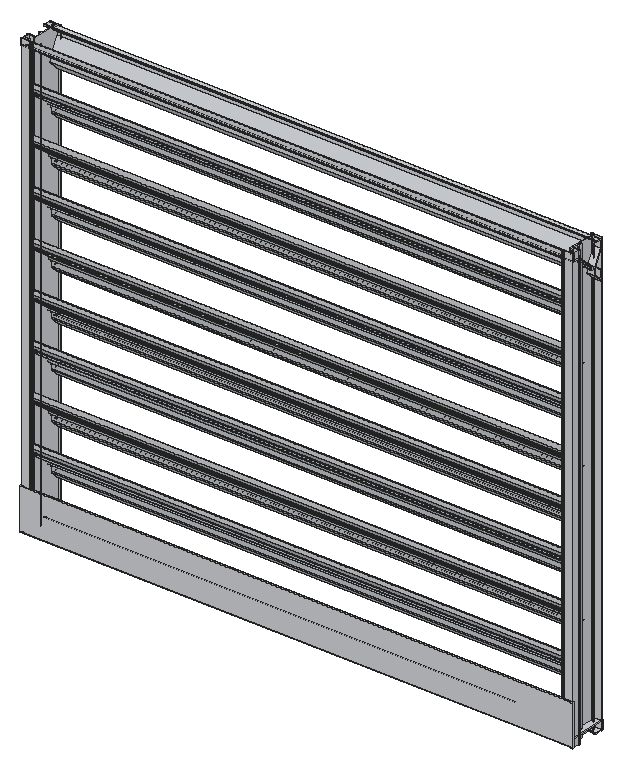
Revit family
Parameters (values of type "00000-Air Balance-013009-Ver1-A445")
  Blade Array = (Height - 4 1/4" - 2 1/2") / 5"  # 8
  URL = "www.airbalance.com"
  OmniClass Table 23 Title = "Exterior Louvers and Grilles\r\nExterior Louvers and Grilles\r\n"
  OmniClass Table 23 Code = "23-30 60 11 17\r\n"
  Model = "A445"
  Manufacturer = "Air Balance"
  Height = 48"
  Description = "Stationary Louver"
  Default Sill Height = 36"
  Wall Closure = (empty or 0)
  Width = 60"
  Blade Width = Width - (29/32" * 2)  # 58 3/16"
  Assembly Code = ""
Reference planes (in)
  plane 1 "Center (Front/Back)": y = 0
  plane 2: z = 0
  plane 3 "Center (Left/Right)": x = 0
  plane 4 "Left": x = -30
  plane 5 "Right": x = 30
  plane 6 "Sill": z = 36
  plane 7 "Top": z = 84
  plane 8: x = 65.5
  plane 9: z = 79.25
  plane 10: z = 77.5625
  plane 11: z = 72.5625
  plane 12: y = 3
  plane 13: y = 2.84398
  plane 14: x = -29.09307
  plane 15: x = 29.09443
Forms (in)
  Sweep 1, solid
    path in 3D
      loop
        line (-30, 3, 36) -> (30, 3, 36)
    profile origin (0, 3, 36) x (0, 1, 0) y (0, 0, 1)
      loop
        line (-3.923, 0.923) -> (-0.077, 0.923) -> (-0.077, 0.158) -> (-0.796, 0.158)
        arc (-0.796, 0.158) -> (-0.81792, 0.14892) -> (-0.827, 0.127) r 0.031
        line (-0.827, 0.127) -> (-0.827, 0.0385)
        arc (-0.827, 0.0385) -> (-0.7885, 0) -> (-0.75, 0.0385) r 0.0385
        line (-0.75, 0.0385) -> (-0.75, 0.081) -> (-0.03, 0.081)
        arc (-0.03, 0.081) -> (-0.00879, 0.08979) -> (0, 0.111) r 0.03
        line (0, 0.111) -> (0, 0.97)
        arc (0, 0.97) -> (-0.00879, 0.99121) -> (-0.03, 1) r 0.03
        line (-0.03, 1) -> (-3.923, 1) -> (-3.923, 4.4615)
        arc (-3.923, 4.4615) -> (-3.9615, 4.5) -> (-4, 4.4615) r 0.0385
        line (-4, 4.4615) -> (-4, 0.033)
        arc (-4, 0.033) -> (-3.99112, 0.01028) -> (-3.969, 0) r 0.03276
        line (-3.969, 0) -> (-3.862, 0)
        arc (-3.862, 0) -> (-3.838, 0.025) -> (-3.862, 0.05) r 0.02502
        line (-3.862, 0.05) -> (-3.923, 0.05) -> (-3.923, 0.923)
  Sweep 2, solid
    path in 3D
      loop
        line (30, 3, 84) -> (-30, 3, 84)
    profile origin (0, 3, 84) x (0, 1, 0) y (0, 0, -1)
      loop
        line (-1.09102, 3.3153) -> (-1.09102, 2.62021) -> (-1.30067, 2.43603)
        arc (-1.30067, 2.43603) -> (-1.41489, 2.47571) -> (-1.32417, 2.55565) r 0.07
        arc (-1.32417, 2.55565) -> (-1.29257, 2.57151) -> (-1.30843, 2.60311) r 0.025
        arc (-1.30843, 2.60311) -> (-1.45402, 2.54188) -> (-1.41282, 2.3894) r 0.12
        arc (-1.41282, 2.3894) -> (-1.39909, 2.36567) -> (-1.40956, 2.34033) r 0.031
        line (-1.40956, 2.34033) -> (-3.04309, 0.90466)
        arc (-3.04309, 0.90466) -> (-3.06956, 0.89754) -> (-3.09133, 0.91419) r 0.031
        arc (-3.09133, 0.91419) -> (-3.23725, 0.97464) -> (-3.31668, 0.83811) r 0.12
        arc (-3.31668, 0.83811) -> (-3.28738, 0.81832) -> (-3.26759, 0.84762) r 0.025
        arc (-3.26759, 0.84762) -> (-3.17666, 0.92733) -> (-3.15198, 0.80896) r 0.07
        line (-3.15198, 0.80896) -> (-3.22124, 0.748) -> (-3.84194, 0.748)
        arc (-3.84194, 0.748) -> (-3.86391, 0.73895) -> (-3.87302, 0.717) r 0.031
        line (-3.87302, 0.717) -> (-3.87302, 0) -> (-3.82302, 0) -> (-3.82302, 0.671) -> (-3.19222, 0.671) -> (-1.06099, 2.54408) -> (-0.23302, 0.96899) -> (-0.23302, 0.158) -> (-0.77102, 0.158)
        arc (-0.77102, 0.158) -> (-0.79373, 0.14912) -> (-0.80402, 0.127) r 0.03276
        line (-0.80402, 0.127) -> (-0.80402, 0.024)
        arc (-0.80402, 0.024) -> (-0.77902, 0) -> (-0.75402, 0.024) r 0.02502
        line (-0.75402, 0.024) -> (-0.75402, 0.081) -> (-0.18702, 0.081)
        arc (-0.18702, 0.081) -> (-0.1651, 0.09008) -> (-0.15602, 0.112) r 0.031
        line (-0.15602, 0.112) -> (-0.15602, 0.988) -> (-1.01402, 2.62021) -> (-1.01402, 3.28057) -> (-0.23302, 4.06157) -> (-0.23302, 3.0395)
        arc (-0.23302, 3.0395) -> (-0.19452, 3.001) -> (-0.15602, 3.0395) r 0.0385
        line (-0.15602, 3.0395) -> (-0.15602, 4.2503) -> (-1.09102, 3.3153)
  Sweep 3, solid
    path in 3D
      loop
        line (30, 3, 36) -> (30, 3, 84)
    profile origin (30, 3, 60) x (0, 1, 0) y (-1, 0, 0)
      loop
        line (-2.35327, 0.82763) -> (-2.29365, 0.78137)
        arc (-2.29365, 0.78137) -> (-2.26982, 0.77006) -> (-2.26413, 0.74431) r 0.03
        arc (-2.26413, 0.74431) -> (-2.18179, 0.5821) -> (-2.00873, 0.63816) r 0.14
        arc (-2.00873, 0.63816) -> (-2.02026, 0.68629) -> (-2.06839, 0.67477) r 0.035
        arc (-2.06839, 0.67477) -> (-2.18884, 0.67666) -> (-2.12928, 0.78137) r 0.07
        line (-2.12928, 0.78137) -> (-2.00952, 0.78137)
        arc (-2.00952, 0.78137) -> (-1.98283, 0.79636) -> (-1.98175, 0.82695) r 0.03125
        line (-1.98175, 0.82695) -> (-0.37651, 0.82695)
        arc (-0.37651, 0.82695) -> (-0.31503, 0.72214) -> (-0.43648, 0.71843) r 0.07064
        arc (-0.43648, 0.71843) -> (-0.4846, 0.72922) -> (-0.49547, 0.68112) r 0.0349
        arc (-0.49547, 0.68112) -> (-0.32174, 0.6271) -> (-0.24133, 0.7903) r 0.14001
        arc (-0.24133, 0.7903) -> (-0.23595, 0.81612) -> (-0.21226, 0.82771) r 0.03
        line (-0.21226, 0.82771) -> (-0.07894, 0.82771) -> (-0.07894, 0.0392)
        arc (-0.07894, 0.0392) -> (-0.03832, -0.00029) -> (0, 0.04143) r 0.0395
        line (0, 0.04143) -> (0, 0.31212) -> (0, 1.2247)
        arc (0, 1.2247) -> (-0.02545, 1.24969) -> (-0.04998, 1.2238) r 0.025
        line (-0.04998, 1.2238) -> (-0.04998, 0.90663) -> (-3.22197, 0.90658)
        arc (-3.22197, 0.90658) -> (-3.24697, 0.88141) -> (-3.22165, 0.85658) r 0.025
        line (-3.22165, 0.85658) -> (-3.0048, 0.85658) -> (-3.0048, 0.15963) -> (-3.5649, 0.15963) -> (-3.5649, 0.65963) -> (-3.6402, 0.65963) -> (-3.6402, 0.15963) -> (-3.83499, 0.15963) -> (-3.83499, 1.24975) -> (-3.91902, 1.24975) -> (-3.91902, 1.1625) -> (-3.89001, 1.14575) -> (-3.89001, 0.97832) -> (-3.91896, 0.95832) -> (-3.91896, 0.08109) -> (-3.16895, 0.08109) -> (-3.16895, 0.03957)
        arc (-3.16895, 0.03957) -> (-3.12894, 0.00007) -> (-3.08996, 0.0406) r 0.0395
        line (-3.08996, 0.0406) -> (-3.08996, 0.0811) -> (-2.97596, 0.0811)
        arc (-2.97596, 0.0811) -> (-2.93304, 0.09918) -> (-2.91598, 0.14251) r 0.06
        line (-2.91598, 0.14251) -> (-2.91598, 0.82763) -> (-2.35327, 0.82763)
  Sweep 4, solid
    path in 3D
      loop
        line (-30, 3, 84) -> (-30, 3, 36)
    profile origin (-30, 3, 60) x (1, 0, 0) y (0, 1, 0)
      loop
        line (0.82794, -2.35724) -> (0.82794, -2.91995) -> (0.14281, -2.91995)
        arc (0.14281, -2.91995) -> (0.09948, -2.93701) -> (0.0814, -2.97993) r 0.06
        line (0.0814, -2.97993) -> (0.0814, -3.09394) -> (0.0409, -3.09394)
        arc (0.0409, -3.09394) -> (0.00038, -3.13291) -> (0.03987, -3.17293) r 0.0395
        line (0.03987, -3.17293) -> (0.08139, -3.17293) -> (0.08139, -3.92294) -> (0.95862, -3.92294) -> (0.97862, -3.89399) -> (1.14605, -3.89399) -> (1.1628, -3.923) -> (1.25005, -3.923) -> (1.25005, -3.83896) -> (0.15994, -3.83896) -> (0.15994, -3.64418) -> (0.65994, -3.64418) -> (0.65994, -3.56887) -> (0.15994, -3.56887) -> (0.15994, -3.00878) -> (0.85688, -3.00878) -> (0.85688, -3.22562)
        arc (0.85688, -3.22562) -> (0.88171, -3.25095) -> (0.90688, -3.22595) r 0.025
        line (0.90688, -3.22595) -> (0.90693, -0.05396) -> (1.2241, -0.05396)
        arc (1.2241, -0.05396) -> (1.25, -0.02942) -> (1.225, -0.00398) r 0.025
        line (1.225, -0.00398) -> (0.31243, -0.00398) -> (0.04173, -0.00398)
        arc (0.04173, -0.00398) -> (0.00002, -0.0423) -> (0.0395, -0.08291) r 0.0395
        line (0.0395, -0.08291) -> (0.82801, -0.08291) -> (0.82801, -0.21624)
        arc (0.82801, -0.21624) -> (0.81642, -0.23992) -> (0.7906, -0.24531) r 0.03
        arc (0.7906, -0.24531) -> (0.6274, -0.32572) -> (0.68142, -0.49945) r 0.14001
        arc (0.68142, -0.49945) -> (0.72952, -0.48857) -> (0.71874, -0.44045) r 0.0349
        arc (0.71874, -0.44045) -> (0.72244, -0.319) -> (0.82725, -0.38048) r 0.07064
        line (0.82725, -0.38048) -> (0.82725, -1.98572)
        arc (0.82725, -1.98572) -> (0.79666, -1.9868) -> (0.78167, -2.01349) r 0.03125
        line (0.78167, -2.01349) -> (0.78167, -2.13326)
        arc (0.78167, -2.13326) -> (0.67696, -2.19282) -> (0.67507, -2.07237) r 0.07
        arc (0.67507, -2.07237) -> (0.6866, -2.02423) -> (0.63846, -2.01271) r 0.035
        arc (0.63846, -2.01271) -> (0.5824, -2.18577) -> (0.74461, -2.2681) r 0.14
        arc (0.74461, -2.2681) -> (0.77037, -2.2738) -> (0.78167, -2.29763) r 0.03
        line (0.78167, -2.29763) -> (0.82794, -2.35724)
Lines and regions (in)
  Opening 1
    outline origin (-60, -3, 0) x (1, 0, 0) y (0, 0, 1)
      loop
        line (30, 84) -> (30, 36) -> (90, 36) -> (90, 84) -> (30, 84)
  sketch lines
    curve 1: line (-30, 3, 36) -> (30, 3, 36)
    curve 2: line (30, 3, 84) -> (-30, 3, 84)
    curve 3: line (30, 3, 36) -> (30, 3, 84)
    curve 4: line (-30, 3, 84) -> (-30, 3, 36)
Text (in)
  text "EXTERIOR" at (-58.6888, 50.90694, 0), in view "Ref. Level"
  text "INTERIOR" at (-58.6888, -37.76638, 0), in view "Ref. Level"
  text "Exterior" at (0, 43.65631, 123.19604), in view "Left"
  text "Exterior" at (0, 6.94597, 78.36643), in view "Right"
Dimensions and locks (in)
  equal spacing: plane 4 "Left", plane 3 "Center (Left/Right)", plane 5 "Right"
  "Width": plane 4 "Left" to plane 5 "Right"
  locked: plane 10 to plane 7 "Top" at 6.4375
  locked: plane 11 to plane 10 at 5
  locked: plane 12 to host wall at 0
  locked: plane 13 to plane 12 at 0.15602
  "Blade Width": plane 14 to plane 15
  locked: plane 4 "Left" to plane 14 at 0.90693
  plane 15 to plane 5 "Right" = 0.90557"
  "Height": plane 6 "Sill" to plane 7 "Top"
  equal spacing: group 1, group 2, group 3, group 4, group 5, group 6, group 7, group 8  (x2)
  equal spacing: group 8, group 7, group 6, group 5, group 4, group 3, group 2, group 1
  aligned and locked: plane 7 "Top" to Opening 1 sketch curve
  aligned and locked: plane 6 "Sill" to Opening 1 sketch curve  (x2)
  aligned and locked: plane 5 "Right" to Opening 1 sketch curve
  aligned and locked: plane 4 "Left" to Opening 1 sketch curve
  aligned and locked: nested 1 to plane 10
  aligned and locked: nested 2 to plane 11
Automatic sketch dimensions
  Sweep 1 sketch curve to profile plane = 0"  (x2)
  profile plane to Sweep 1 sketch curve = 4"
  Sweep 1 sketch curve to Sweep 1 sketch curve = 0.031"  (x2)
  profile plane to Sweep 1 sketch curve = 0.03271"
  Sweep 1 sketch curve to Sweep 1 sketch curve = 0.03276"
  Sweep 1 sketch curve to Sweep 1 sketch curve = 0.0385"  (x2)
  Sweep 1 sketch curve to Sweep 1 sketch curve = 0.04424"
  Sweep 1 sketch curve to Sweep 1 sketch curve = 0.05998"
  Sweep 1 sketch curve to Sweep 1 sketch curve = 0.00102"  (x2)
  profile plane to Sweep 1 sketch curve = 0.0385"
  profile plane to Sweep 1 sketch curve = 0.827"
  profile plane to Sweep 1 sketch curve = 0.077"
  profile plane to Sweep 1 sketch curve = 0.03"  (x2)
  profile plane to Sweep 1 sketch curve = 0.025"
  profile plane to Sweep 1 sketch curve = 0.081"
  Sweep 1 sketch curve to Sweep 1 sketch curve = 0.046"
  Sweep 1 sketch curve to Sweep 1 sketch curve = 0.765"
  Sweep 1 sketch curve to Sweep 1 sketch curve = 0.047"
  Sweep 1 sketch curve to Sweep 1 sketch curve = 3.4615"
  Sweep 2 sketch curve to profile plane = 0"
  profile plane to Sweep 2 sketch curve = 3.87302"
  Sweep 2 sketch curve to Sweep 2 sketch curve = 0.031"
  Sweep 2 sketch curve to Sweep 2 sketch curve = 0.00008"
  Sweep 2 sketch curve to Sweep 2 sketch curve = 0.019"
  Sweep 2 sketch curve to Sweep 2 sketch curve = 0.52526"
  Sweep 2 sketch curve to Sweep 2 sketch curve = 0"  (x9)
  Sweep 2 sketch curve to Sweep 2 sketch curve = 0.02454"  (x2)
  profile plane to Sweep 2 sketch curve = 0.748"
  Sweep 2 sketch curve to Sweep 2 sketch curve = 0.04634"
  Sweep 2 sketch curve to Sweep 2 sketch curve = 0.06872"
  Sweep 2 sketch curve to Sweep 2 sketch curve = 0.02903"
  profile plane to Sweep 2 sketch curve = 0.80896"
  Sweep 2 sketch curve to Sweep 2 sketch curve = 3/64"
  Sweep 2 sketch curve to Sweep 2 sketch curve = 0.10754"
  Sweep 2 sketch curve to Sweep 2 sketch curve = 0.02778"
  profile plane to Sweep 2 sketch curve = 0.90466"
  Sweep 2 sketch curve to Sweep 2 sketch curve = 0.02046"  (x2)
  profile plane to Sweep 2 sketch curve = 1.43002"
  Sweep 2 sketch curve to Sweep 2 sketch curve = 0.01721"
  Sweep 2 sketch curve to Sweep 2 sketch curve = 0.06662"
  Sweep 2 sketch curve to Sweep 2 sketch curve = 0.02203"
  Sweep 2 sketch curve to Sweep 2 sketch curve = 0.00787"  (x2)
  Sweep 2 sketch curve to Sweep 2 sketch curve = 0.04553"
  Sweep 2 sketch curve to Sweep 2 sketch curve = 0.21741"
  Sweep 2 sketch curve to Sweep 2 sketch curve = 0.03003"
  Sweep 2 sketch curve to Sweep 2 sketch curve = 0.077"  (x2)
  profile plane to Sweep 2 sketch curve = 0.127"
  profile plane to Sweep 2 sketch curve = 0.80402"
  Sweep 2 sketch curve to Sweep 2 sketch curve = 0.025"
  Sweep 2 sketch curve to Sweep 2 sketch curve = 0.03271"
  Sweep 2 sketch curve to Sweep 2 sketch curve = 0.00029"
  Sweep 2 sketch curve to Sweep 2 sketch curve = 0.01729"
  profile plane to Sweep 2 sketch curve = 0.23302"  (x2)
  Sweep 2 sketch curve to Sweep 2 sketch curve = 0.0385"
  Sweep 2 sketch curve to Sweep 2 sketch curve = 0.046"  (x2)
  profile plane to Sweep 2 sketch curve = 0.024"
  profile plane to Sweep 2 sketch curve = 0.02502"
  profile plane to Sweep 2 sketch curve = 0.081"
  Sweep 2 sketch curve to Sweep 2 sketch curve = 0.00176"
  Sweep 2 sketch curve to Sweep 2 sketch curve = 0.81099"
  Sweep 2 sketch curve to Sweep 2 sketch curve = 0.01901"
  Sweep 2 sketch curve to Sweep 2 sketch curve = 1.37134"
  Sweep 2 sketch curve to Sweep 2 sketch curve = 0.02328"
  Sweep 2 sketch curve to Sweep 2 sketch curve = 0.05903"
  Sweep 2 sketch curve to Sweep 2 sketch curve = 0.07612"
  Sweep 2 sketch curve to Sweep 2 sketch curve = 0.41929"
  Sweep 2 sketch curve to Sweep 2 sketch curve = 0.66037"
  Sweep 2 sketch curve to Sweep 2 sketch curve = 0.03472"
  Sweep 2 sketch curve to Sweep 2 sketch curve = 1.02207"
  Sweep 2 sketch curve to Sweep 2 sketch curve = 0.18872"
  Sweep 3 sketch curve to Sweep 3 sketch curve = 0"  (x9)
  Sweep 3 sketch curve to profile plane = 0"
  Sweep 3 sketch curve to Sweep 3 sketch curve = 0.025"  (x2)
  profile plane to Sweep 3 sketch curve = 0.03944"
  profile plane to Sweep 3 sketch curve = 0.04998"
  profile plane to Sweep 3 sketch curve = 0.0392"
  Sweep 3 sketch curve to Sweep 3 sketch curve = 0.0395"  (x2)
  Sweep 3 sketch curve to Sweep 3 sketch curve = 0.13332"
  Sweep 3 sketch curve to Sweep 3 sketch curve = 0.02907"
  Sweep 3 sketch curve to Sweep 3 sketch curve = 0.13518"
  Sweep 3 sketch curve to Sweep 3 sketch curve = 0.00034"
  Sweep 3 sketch curve to Sweep 3 sketch curve = 0.00015"
  Sweep 3 sketch curve to Sweep 3 sketch curve = 0.05947"
  Sweep 3 sketch curve to Sweep 3 sketch curve = 0.02946"
  Sweep 3 sketch curve to Sweep 3 sketch curve = 0.02953"
  Sweep 3 sketch curve to Sweep 3 sketch curve = 1.48627"
  Sweep 3 sketch curve to Sweep 3 sketch curve = 0.02698"
  Sweep 3 sketch curve to Sweep 3 sketch curve = 0.02777"
  Sweep 3 sketch curve to Sweep 3 sketch curve = 0.02983"
  Sweep 3 sketch curve to Sweep 3 sketch curve = 0.05966"
  Sweep 3 sketch curve to Sweep 3 sketch curve = 0.00122"
  Sweep 3 sketch curve to Sweep 3 sketch curve = 0.13485"
  Sweep 3 sketch curve to Sweep 3 sketch curve = 0.02916"
  Sweep 3 sketch curve to Sweep 3 sketch curve = 0.00036"
  profile plane to Sweep 3 sketch curve = 0.82763"
  Sweep 3 sketch curve to Sweep 3 sketch curve = 0.05961"
  profile plane to Sweep 3 sketch curve = 0.14251"
  Sweep 3 sketch curve to Sweep 3 sketch curve = 0.62269"
  Sweep 3 sketch curve to Sweep 3 sketch curve = 0.05998"
  Sweep 3 sketch curve to Sweep 3 sketch curve = 0.08883"
  profile plane to Sweep 3 sketch curve = 0.0406"
  Sweep 3 sketch curve to Sweep 3 sketch curve = 0.11401"
  Sweep 3 sketch curve to Sweep 3 sketch curve = 0.03949"
  Sweep 3 sketch curve to Sweep 3 sketch curve = 0.21685"
  Sweep 3 sketch curve to Sweep 3 sketch curve = 0.00033"
  Sweep 3 sketch curve to Sweep 3 sketch curve = 0.34325"
  Sweep 3 sketch curve to Sweep 3 sketch curve = 0.07531"
  Sweep 3 sketch curve to Sweep 3 sketch curve = 0.19479"
  profile plane to Sweep 3 sketch curve = 1.14575"
  Sweep 3 sketch curve to Sweep 3 sketch curve = 0.05502"
  Sweep 3 sketch curve to Sweep 3 sketch curve = 0.08397"
  Sweep 3 sketch curve to Sweep 3 sketch curve = 0.08404"
  Sweep 3 sketch curve to Sweep 3 sketch curve = 0.04152"
  Sweep 3 sketch curve to Sweep 3 sketch curve = 0.0405"
  profile plane to Sweep 3 sketch curve = 0.15963"
  Sweep 3 sketch curve to Sweep 3 sketch curve = 0.01853"
  Sweep 3 sketch curve to Sweep 3 sketch curve = 0.27069"
  Sweep 3 sketch curve to Sweep 3 sketch curve = 0.18948"
  Sweep 3 sketch curve to Sweep 3 sketch curve = 0.0183"
  Sweep 3 sketch curve to Sweep 3 sketch curve = 1/2"
  Sweep 3 sketch curve to Sweep 3 sketch curve = 0.36899"
  Sweep 3 sketch curve to Sweep 3 sketch curve = 0.0186"
  Sweep 3 sketch curve to Sweep 3 sketch curve = 0.02894"
  Sweep 3 sketch curve to Sweep 3 sketch curve = 0.07892"
  Sweep 3 sketch curve to Sweep 3 sketch curve = 0.18743"
  Sweep 3 sketch curve to Sweep 3 sketch curve = 0.02"
  Sweep 3 sketch curve to Sweep 3 sketch curve = 0.01675"
  Sweep 3 sketch curve to Sweep 3 sketch curve = 0.31717"
  Sweep 3 sketch curve to Sweep 3 sketch curve = 0.104"
  Sweep 4 sketch curve to Sweep 4 sketch curve = 0"  (x8)
  profile plane to Sweep 4 sketch curve = 0.0395"
  profile plane to Sweep 4 sketch curve = 0.03987"
  Sweep 4 sketch curve to Sweep 4 sketch curve = 0.00103"
  profile plane to Sweep 4 sketch curve = 0.00398"
  Sweep 4 sketch curve to Sweep 4 sketch curve = 0.00223"
  Sweep 4 sketch curve to Sweep 4 sketch curve = 0.04152"
  Sweep 4 sketch curve to Sweep 4 sketch curve = 0.0405"
  Sweep 4 sketch curve to Sweep 4 sketch curve = 0.06"
  Sweep 4 sketch curve to Sweep 4 sketch curve = 0.00141"
  profile plane to Sweep 4 sketch curve = 0.15994"
  Sweep 4 sketch curve to Sweep 4 sketch curve = 0.01853"
  Sweep 4 sketch curve to Sweep 4 sketch curve = 0.27069"
  profile plane to Sweep 4 sketch curve = 0.63846"
  Sweep 4 sketch curve to Sweep 4 sketch curve = 0.0183"
  Sweep 4 sketch curve to Sweep 4 sketch curve = 1/2"
  Sweep 4 sketch curve to Sweep 4 sketch curve = 0.36899"
  Sweep 4 sketch curve to Sweep 4 sketch curve = 0.0186"
  Sweep 4 sketch curve to Sweep 4 sketch curve = 0.03661"
  Sweep 4 sketch curve to Sweep 4 sketch curve = 0.01871"
  Sweep 4 sketch curve to Sweep 4 sketch curve = 0.03294"
  Sweep 4 sketch curve to Sweep 4 sketch curve = 0.00706"
  Sweep 4 sketch curve to Sweep 4 sketch curve = 0.0373"
  Sweep 4 sketch curve to Sweep 4 sketch curve = 0.00057"
  Sweep 4 sketch curve to Sweep 4 sketch curve = 0.1066"
  Sweep 4 sketch curve to Sweep 4 sketch curve = 0.03"  (x2)
  Sweep 4 sketch curve to Sweep 4 sketch curve = 0.03399"
  Sweep 4 sketch curve to Sweep 4 sketch curve = 0.00741"
  Sweep 4 sketch curve to Sweep 4 sketch curve = 1/32"
  Sweep 4 sketch curve to Sweep 4 sketch curve = 0.07064"
  Sweep 4 sketch curve to Sweep 4 sketch curve = 0.04627"
  Sweep 4 sketch curve to Sweep 4 sketch curve = 0.02894"
  Sweep 4 sketch curve to Sweep 4 sketch curve = 0.025"  (x2)
  profile plane to Sweep 4 sketch curve = 0.05396"
  Sweep 4 sketch curve to Sweep 4 sketch curve = 0.07892"
  Sweep 4 sketch curve to Sweep 4 sketch curve = 0.29868"
  Sweep 4 sketch curve to Sweep 4 sketch curve = 0.02"
  Sweep 4 sketch curve to Sweep 4 sketch curve = 0.16743"
  Sweep 4 sketch curve to Sweep 4 sketch curve = 0.01675"
  Sweep 4 sketch curve to Sweep 4 sketch curve = 0.31717"
  Sweep 4 sketch curve to Sweep 4 sketch curve = 0.0009"
  Sweep 4 sketch curve to Sweep 4 sketch curve = 0.104"
  Sweep 4 sketch curve to Sweep 4 sketch curve = 0.07894"
  Sweep 4 sketch curve to Sweep 4 sketch curve = 0.13332"
  Sweep 4 sketch curve to Sweep 4 sketch curve = 1.48627"
  Sweep 4 sketch curve to Sweep 4 sketch curve = 0.00079"
  Sweep 4 sketch curve to Sweep 4 sketch curve = 0.02983"
  Sweep 4 sketch curve to Sweep 4 sketch curve = 0.05961"
  Sweep 4 sketch curve to Sweep 4 sketch curve = 0.62269"
  Sweep 4 sketch curve to Sweep 4 sketch curve = 0.08883"
  Sweep 4 sketch curve to Sweep 4 sketch curve = 0.11401"
  Sweep 4 sketch curve to Sweep 4 sketch curve = 0.03949"
  Sweep 4 sketch curve to Sweep 4 sketch curve = 0.21685"
  Sweep 4 sketch curve to Sweep 4 sketch curve = 0.00033"
  Sweep 4 sketch curve to Sweep 4 sketch curve = 0.34325"
  Sweep 4 sketch curve to Sweep 4 sketch curve = 0.07531"
  Sweep 4 sketch curve to Sweep 4 sketch curve = 0.19479"
  Sweep 4 sketch curve to Sweep 4 sketch curve = 0.05502"
  Sweep 4 sketch curve to Sweep 4 sketch curve = 0.08397"
  Sweep 4 sketch curve to Sweep 4 sketch curve = 0.08404"
Nested families (in)
  nested 1: "A445 LOUVER" at (0, -0.87302, 74.97394), width <- "Blade Width", type "Family3"
    with width 58 3/16", Blade Material none
  nested 2: "A445 LOUVER" at (0, -0.87302, 69.97394), width <- "Blade Width", type "Family3"
    with width 58 3/16", Blade Material none
  nested 3: "A445 LOUVER" at (0, -0.87302, 64.97394), width <- "Blade Width", type "Family3"
    with width 58 3/16", Blade Material none
  nested 4: "A445 LOUVER" at (0, -0.87302, 59.97394), width <- "Blade Width", type "Family3"
    with width 58 3/16", Blade Material none
  nested 5: "A445 LOUVER" at (0, -0.87302, 54.97394), width <- "Blade Width", type "Family3"
    with width 58 3/16", Blade Material none
  nested 6: "A445 LOUVER" at (0, -0.87302, 49.97394), width <- "Blade Width", type "Family3"
    with width 58 3/16", Blade Material none
  nested 7: "A445 LOUVER" at (0, -0.87302, 44.97394), width <- "Blade Width", type "Family3"
    with width 58 3/16", Blade Material none
  nested 8: "A445 LOUVER" at (0, -0.87302, 39.97394), width <- "Blade Width", type "Family3"
    with width 58 3/16", Blade Material none
Definition of nested family "A445 LOUVER"
  Parameters (values of type "Family3")
    width [instance] = 34 1/4"
    Blade Width = 34 1/4"
    Blade Material [instance] = none
    Assembly Code = ""
  Reference planes (in)
    plane 1 "Center (Front/Back)": y = 0
    plane 2: z = 0
    plane 3 "Center (Left/Right)": x = 0
    plane 4: x = -17.125
    plane 5: x = 17.125
    plane 6: z = 4.99929
    plane 7: y = 3.717
    plane 8: z = 2.58856
    plane 9: x = -17.125
    plane 10: x = 17.125
  Forms (in)
    Extrusion 1, solid, material <- "Blade Material"
      sketch origin (0, 1.97303, -69.63087) x (0, 1, 0) y (0, 0, 1)
        loop
          line (1.74397, 69.63087) -> (1.74397, 70.75516) -> (1.66297, 70.75516) -> (1.3762, 70.55437)
          arc (1.3762, 70.55437) -> (1.37031, 70.52094) -> (1.40373, 70.51505) r 0.024
          line (1.40373, 70.51505) -> (1.64336, 70.68284)
          arc (1.64336, 70.68284) -> (1.65889, 70.68386) -> (1.66697, 70.67055) r 0.015
          line (1.66697, 70.67055) -> (1.66697, 69.81959) -> (1.14971, 70.33685)
          arc (1.14971, 70.33685) -> (1.07771, 70.43313) -> (1.03585, 70.54584) r 0.421
          line (1.03585, 70.54584) -> (0.8541, 71.38912)
          arc (0.8541, 71.38912) -> (0.81572, 71.48708) -> (0.74837, 71.56792) r 0.329
          line (0.74837, 71.56792) -> (-0.75057, 72.87093) -> (-1.00304, 72.91868) -> (-1.00304, 73.02414) -> (-0.95922, 72.98605)
          arc (-0.95922, 72.98605) -> (-0.92395, 72.98852) -> (-0.92641, 73.02379) r 0.025
          line (-0.92641, 73.02379) -> (-1.31988, 73.36582)
          arc (-1.31988, 73.36582) -> (-1.3503, 73.39507) -> (-1.37764, 73.42722) r 0.421
          line (-1.37764, 73.42722) -> (-1.89403, 74.09998) -> (-1.89403, 74.59066)
          arc (-1.89403, 74.59066) -> (-1.93353, 74.63016) -> (-1.97303, 74.59066) r 0.0395
          line (-1.97303, 74.59066) -> (-1.97303, 74.07316) -> (-1.44031, 73.37912)
          arc (-1.44031, 73.37912) -> (-1.40784, 73.34094) -> (-1.37171, 73.3062) r 0.5
          line (-1.37171, 73.3062) -> (-1.31518, 73.25706)
          arc (-1.31518, 73.25706) -> (-1.30487, 73.23384) -> (-1.31607, 73.21104) r 0.03
          arc (-1.31607, 73.21104) -> (-1.35533, 73.15362) -> (-1.35614, 73.08406) r 0.12
          arc (-1.35614, 73.08406) -> (-1.32517, 73.06702) -> (-1.30812, 73.09799) r 0.025
          arc (-1.30812, 73.09799) -> (-1.21131, 73.18094) -> (-1.21263, 73.05346) r 0.07
          arc (-1.21263, 73.05346) -> (-1.2254, 73.0205) -> (-1.19243, 73.00772) r 0.025
          arc (-1.19243, 73.00772) -> (-1.16136, 73.02765) -> (-1.13781, 73.05608) r 0.12
          arc (-1.13781, 73.05608) -> (-1.10407, 73.06964) -> (-1.08204, 73.04072) r 0.03
          line (-1.08204, 73.04072) -> (-1.08204, 72.85322) -> (-0.80303, 72.80045)
          arc (-0.80303, 72.80045) -> (-0.75602, 72.76139) -> (-0.76427, 72.70083) r 0.063
          line (-0.76427, 72.70083) -> (-0.72598, 72.74488) -> (-0.28449, 72.3611) -> (-0.32279, 72.31705)
          arc (-0.32279, 72.31705) -> (-0.28049, 72.3353) -> (-0.23707, 72.31988) r 0.063
          line (-0.23707, 72.31988) -> (0.54859, 71.63691)
          arc (0.54859, 71.63691) -> (0.55884, 71.61232) -> (0.54548, 71.58926) r 0.03
          arc (0.54548, 71.58926) -> (0.50046, 71.44442) -> (0.63328, 71.37118) r 0.12
          arc (0.63328, 71.37118) -> (0.65349, 71.40024) -> (0.62438, 71.42038) r 0.025
          arc (0.62438, 71.42038) -> (0.54426, 71.50772) -> (0.65801, 71.54242) r 0.07
          line (0.65801, 71.54242) -> (0.69637, 71.50908)
          arc (0.69637, 71.50908) -> (0.74755, 71.44765) -> (0.77672, 71.37321) r 0.25
          line (0.77672, 71.37321) -> (0.95863, 70.52919)
          arc (0.95863, 70.52919) -> (1.00833, 70.39533) -> (1.09385, 70.28098) r 0.5
          line (1.09385, 70.28098) -> (1.74397, 69.63087)
      from -17.125 to 17.125
  Dimensions and locks (in)
    equal spacing: plane 4, plane 3 "Center (Left/Right)", plane 5
    "width": plane 4 to plane 5
    "Blade Width": plane 9 to plane 10
    aligned and locked: plane 4 to Extrusion 1
    aligned and locked: plane 5 to Extrusion 1
  Automatic sketch dimensions
    Extrusion 1 sketch curve to Extrusion 1 sketch curve = 0"  (x18)
    plane 1 "Center (Front/Back)" to Extrusion 1 sketch curve = 0"
    Extrusion 1 sketch curve to Extrusion 1 sketch curve = 0.0395"
    Extrusion 1 sketch curve to Extrusion 1 sketch curve = 0.45372"
    Extrusion 1 sketch curve to Extrusion 1 sketch curve = 0.06267"
    Extrusion 1 sketch curve to Extrusion 1 sketch curve = 0.0686"
    Extrusion 1 sketch curve to Extrusion 1 sketch curve = 0.01557"
    Extrusion 1 sketch curve to Extrusion 1 sketch curve = 0.03685"
    Extrusion 1 sketch curve to Extrusion 1 sketch curve = 0.02401"
    Extrusion 1 sketch curve to Extrusion 1 sketch curve = 0.05183"
    Extrusion 1 sketch curve to Extrusion 1 sketch curve = 0.01879"
    Extrusion 1 sketch curve to Extrusion 1 sketch curve = 0.01968"  (x2)
    Extrusion 1 sketch curve to Extrusion 1 sketch curve = 0.06723"
    Extrusion 1 sketch curve to Extrusion 1 sketch curve = 0.02827"
    Extrusion 1 sketch curve to Extrusion 1 sketch curve = 0.0101"
    Extrusion 1 sketch curve to Extrusion 1 sketch curve = 0.06472"
    Extrusion 1 sketch curve to Extrusion 1 sketch curve = 0.02577"
    Extrusion 1 sketch curve to Extrusion 1 sketch curve = 0.03"
    Extrusion 1 sketch curve to Extrusion 1 sketch curve = 0.2762"
    Extrusion 1 sketch curve to Extrusion 1 sketch curve = 0.079"
    Extrusion 1 sketch curve to Extrusion 1 sketch curve = 0.04382"
    Extrusion 1 sketch curve to Extrusion 1 sketch curve = 0.0164"  (x2)
    Extrusion 1 sketch curve to Extrusion 1 sketch curve = 0.1883"
    Extrusion 1 sketch curve to Extrusion 1 sketch curve = 3/256"
    Extrusion 1 sketch curve to Extrusion 1 sketch curve = 0.05046"
    Extrusion 1 sketch curve to Extrusion 1 sketch curve = 0.05245"
    Extrusion 1 sketch curve to Extrusion 1 sketch curve = 0.03829"  (x2)
    Extrusion 1 sketch curve to plane 1 "Center (Front/Back)" = 1.65025"
    Extrusion 1 sketch curve to Extrusion 1 sketch curve = 0.04438"
    Extrusion 1 sketch curve to Extrusion 1 sketch curve = 0.04133"
    Extrusion 1 sketch curve to plane 1 "Center (Front/Back)" = 2.50194"
    Extrusion 1 sketch curve to Extrusion 1 sketch curve = 0.00345"
    Extrusion 1 sketch curve to Extrusion 1 sketch curve = 0.00017"
    Extrusion 1 sketch curve to Extrusion 1 sketch curve = 0.01657"
    Extrusion 1 sketch curve to Extrusion 1 sketch curve = 0.06629"
    Extrusion 1 sketch curve to Extrusion 1 sketch curve = 0.01261"
    Extrusion 1 sketch curve to Extrusion 1 sketch curve = 0.0045"
    Extrusion 1 sketch curve to Extrusion 1 sketch curve = 0.00439"
    Extrusion 1 sketch curve to Extrusion 1 sketch curve = 0.04592"
    Extrusion 1 sketch curve to Extrusion 1 sketch curve = 0.00031"
    Extrusion 1 sketch curve to Extrusion 1 sketch curve = 0.03836"
    Extrusion 1 sketch curve to Extrusion 1 sketch curve = 0.052"
    Extrusion 1 sketch curve to Extrusion 1 sketch curve = 0.14343"
    Extrusion 1 sketch curve to Extrusion 1 sketch curve = 0.07739"
    Extrusion 1 sketch curve to Extrusion 1 sketch curve = 0.18191"
    Extrusion 1 sketch curve to Extrusion 1 sketch curve = 0.07723"
    Extrusion 1 sketch curve to Extrusion 1 sketch curve = 0.058"
    Extrusion 1 sketch curve to Extrusion 1 sketch curve = 0.05586"  (x2)
    Extrusion 1 sketch curve to Extrusion 1 sketch curve = 0.22649"
    Extrusion 1 sketch curve to Extrusion 1 sketch curve = 0.01377"  (x2)
    Extrusion 1 sketch curve to Extrusion 1 sketch curve = 0.0712"
    Extrusion 1 sketch curve to Extrusion 1 sketch curve = 0.19596"
    Extrusion 1 sketch curve to Extrusion 1 sketch curve = 0.0086"
    Extrusion 1 sketch curve to Extrusion 1 sketch curve = 0.0196"
    Extrusion 1 sketch curve to Extrusion 1 sketch curve = 0.015"
    Extrusion 1 sketch curve to Extrusion 1 sketch curve = 0.081"
    level to Extrusion 1 sketch curve = 0"
    Extrusion 1 sketch curve to Extrusion 1 sketch curve = 0.18872"
    Extrusion 1 sketch curve to Extrusion 1 sketch curve = 0.46139"
    Extrusion 1 sketch curve to Extrusion 1 sketch curve = 0.1782"
    Extrusion 1 sketch curve to Extrusion 1 sketch curve = 0.19235"
    Extrusion 1 sketch curve to Extrusion 1 sketch curve = 0.01966"
    Extrusion 1 sketch curve to Extrusion 1 sketch curve = 0.03601"
    Extrusion 1 sketch curve to Extrusion 1 sketch curve = 0.08461"
    Extrusion 1 sketch curve to Extrusion 1 sketch curve = 0.79043"
    Extrusion 1 sketch curve to Extrusion 1 sketch curve = 0.00078"
    Extrusion 1 sketch curve to Extrusion 1 sketch curve = 13/256"
    Extrusion 1 sketch curve to Extrusion 1 sketch curve = 0.00203"
    Extrusion 1 sketch curve to Extrusion 1 sketch curve = 0.01591"
    Extrusion 1 sketch curve to Extrusion 1 sketch curve = 0.02461"
    Extrusion 1 sketch curve to Extrusion 1 sketch curve = 0.00036"
    Extrusion 1 sketch curve to Extrusion 1 sketch curve = 0.65806"
    Extrusion 1 sketch curve to Extrusion 1 sketch curve = 0.04472"
    Extrusion 1 sketch curve to Extrusion 1 sketch curve = 0.04405"  (x2)
    Extrusion 1 sketch curve to Extrusion 1 sketch curve = 0.38378"
    Extrusion 1 sketch curve to Extrusion 1 sketch curve = 0.03772"
    Extrusion 1 sketch curve to Extrusion 1 sketch curve = 0.05277"
    Extrusion 1 sketch curve to Extrusion 1 sketch curve = 0.07048"
    Extrusion 1 sketch curve to Extrusion 1 sketch curve = 0.06546"
    Extrusion 1 sketch curve to Extrusion 1 sketch curve = 0.06737"
    Extrusion 1 sketch curve to Extrusion 1 sketch curve = 0.01887"
    Extrusion 1 sketch curve to Extrusion 1 sketch curve = 0.1545"
    Extrusion 1 sketch curve to Extrusion 1 sketch curve = 0.03809"
    Extrusion 1 sketch curve to Extrusion 1 sketch curve = 0.04914"
    Extrusion 1 sketch curve to Extrusion 1 sketch curve = 0.05962"
    Extrusion 1 sketch curve to Extrusion 1 sketch curve = 0.07292"
    Extrusion 1 sketch curve to Extrusion 1 sketch curve = 0.69404"
    Extrusion 1 sketch curve to Extrusion 1 sketch curve = 0.02682"
    Extrusion 1 sketch curve to Extrusion 1 sketch curve = 0.49068"
